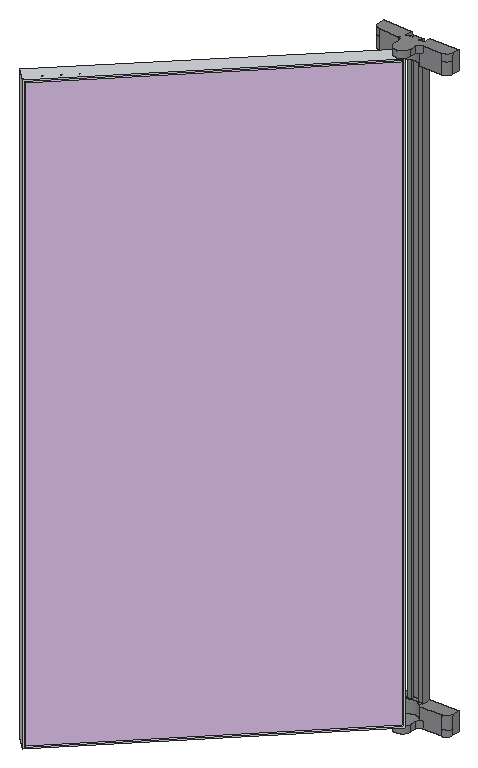
Revit family "Clarus_Flip_R19", category Furniture, host Face, Revit 2019
Family settings
  Host = Face
  Cut with Voids When Loaded = No
  Shared = No
  Room Calculation Point = No
Parameters
  Width = 48"  # constant formula
  URL = "https://www.clarus.com/"
  TRC Standards [instance] = "http://therevitcollection.com/news/trc-news-the-revit-collection-standards-explained/"
  Swing Control [instance] = 135.00°
  Swing Clearance [instance] = yes
  Product URL = "https://www.clarus.com/flip/"
  More Revit Families! [instance] = "www.therevitcollection.com"
  Modeled By = "Commense Studio"  # constant formula
  Model = "Flip"  # constant formula
  Manufacturer = "Clarus"  # constant formula
  Height = 49"  # constant formula
  Frame Finish [instance] = Clarus Gray
  Description = "Why limit a glassboard to one side? Re-think the way work spaces use writable\r\nsurfaces with Flip by Clarus™. Flip allows both sides of a Clarus board to be\r\nutilized for a heightened design aesthetic and elegant functionality."  # constant formula
  Height to Base [instance] = 24"
  Designer = ""
  Depth = 1 215/256"  # constant formula
  Default Elevation = 0"
  Panel A [instance] = Clarus White
  Assembly Code = ""
  Panel B [instance] = Clarus Acoustic Panel - Triangle Grid_Flip
Reference planes (in)
  plane 1 "Center (Front/Back)": y = 0
  plane 2: z = 0
  plane 3 "Center (Left/Right)": x = 0
  plane 4 "L": x = -24
  plane 5 "R": x = 24
  plane 6 "F": y = -1.83984
  plane 7: z = 24
  plane 8: z = 25.5
  plane 9: z = 73
  plane 10: z = 71.5
  plane 11 "BASE": z = 24.5
  plane 12: z = 72.5
Forms (in)
  Extrusion 1, solid, material "Clarus Gray" <- "Frame Finish"
    sketch origin (0, 0, 0) x (1, 0, 0) y (0, 1, 0)
      loop
        line (-2.50462, -1.02865) -> (-0.73338, -1.02865)
        arc (-0.73338, -1.02865) -> (0, -0.67339) -> (0.73338, -1.02865) r 0.9346
        line (0.73338, -1.02865) -> (2.50463, -1.02865)
        arc (2.50463, -1.02865) -> (2.85818, -0.88221) -> (3.00463, -0.52865) r 0.5
        line (3.00463, -0.52865) -> (3.00463, 0) -> (0.747, 0) -> (0.747, -0.57812) -> (0.29688, -0.57812) -> (0.29688, -0.48437) -> (0.42188, -0.48437) -> (0.42188, -0.26562) -> (-0.42187, -0.26562) -> (-0.42187, -0.48437) -> (-0.29687, -0.48437) -> (-0.29687, -0.57812) -> (-0.747, -0.57812) -> (-0.747, 0) -> (-3.00462, 0) -> (-3.00462, -0.52865)
        arc (-3.00462, -0.52865) -> (-2.85818, -0.88221) -> (-2.50462, -1.02865) r 0.5
    from 24 to 25.5
  Extrusion 2, solid, material "Clarus Gray" <- "Frame Finish"
    sketch origin (0, 0, 0) x (1, 0, 0) y (0, 1, 0)
      loop
        line (-2.50462, -1.02865) -> (-0.73338, -1.02865)
        arc (-0.73338, -1.02865) -> (0, -0.67339) -> (0.73338, -1.02865) r 0.9346
        line (0.73338, -1.02865) -> (2.50463, -1.02865)
        arc (2.50463, -1.02865) -> (2.85818, -0.88221) -> (3.00463, -0.52865) r 0.5
        line (3.00463, -0.52865) -> (3.00463, 0) -> (0.747, 0) -> (0.747, -0.57812) -> (0.29688, -0.57812) -> (0.29688, -0.48437) -> (0.42188, -0.48437) -> (0.42188, -0.26562) -> (-0.42187, -0.26562) -> (-0.42187, -0.48437) -> (-0.29687, -0.48437) -> (-0.29687, -0.57812) -> (-0.747, -0.57812) -> (-0.747, 0) -> (-3.00462, 0) -> (-3.00462, -0.52865)
        arc (-3.00462, -0.52865) -> (-2.85818, -0.88221) -> (-2.50462, -1.02865) r 0.5
    from 71.5 to 72.5
  Extrusion 3, solid, material "Clarus Gray" <- "Frame Finish"
    sketch origin (0, 0, 0) x (1, 0, 0) y (0, 1, 0)
      loop
        line (-0.625, -1.40365) -> (-0.625, -1.84115)
        arc (-0.625, -1.84115) -> (0, -2.46615) -> (0.625, -1.84115) r 0.625
        line (0.625, -1.84115) -> (0.625, -1.40365)
        arc (0.625, -1.40365) -> (0.73483, -1.13849) -> (1, -1.02865) r 0.375
        line (1, -1.02865) -> (2.50463, -1.02865)
        arc (2.50463, -1.02865) -> (2.85818, -0.88221) -> (3.00463, -0.52865) r 0.5
        line (3.00463, -0.52865) -> (3.00463, 0) -> (0.747, 0) -> (0.747, -0.57812) -> (0.29688, -0.57812) -> (0.29688, -0.48437) -> (0.42188, -0.48437) -> (0.42188, -0.26562) -> (-0.42187, -0.26562) -> (-0.42187, -0.48437) -> (-0.29687, -0.48437) -> (-0.29687, -0.57812) -> (-0.747, -0.57812) -> (-0.747, 0) -> (-3.00462, 0) -> (-3.00462, -0.52865)
        arc (-3.00462, -0.52865) -> (-2.85818, -0.88221) -> (-2.50462, -1.02865) r 0.5
        line (-2.50462, -1.02865) -> (-1, -1.02865)
        arc (-1, -1.02865) -> (-0.73483, -1.13849) -> (-0.625, -1.40365) r 0.375
    from 72.5 to 73
  Extrusion 4, solid, material "Clarus Gray" <- "Frame Finish"
    sketch origin (0, 0, 0) x (1, 0, 0) y (0, 1, 0)
      loop
        line (-0.625, -1.40365) -> (-0.625, -1.84115)
        arc (-0.625, -1.84115) -> (0, -2.46615) -> (0.625, -1.84115) r 0.625
        line (0.625, -1.84115) -> (0.625, -1.40365)
        arc (0.625, -1.40365) -> (0.73483, -1.13849) -> (1, -1.02865) r 0.375
        line (1, -1.02865) -> (2.50463, -1.02865)
        arc (2.50463, -1.02865) -> (2.85818, -0.88221) -> (3.00463, -0.52865) r 0.5
        line (3.00463, -0.52865) -> (3.00463, 0) -> (0.747, 0) -> (0.747, -0.57812) -> (0.29688, -0.57812) -> (0.29688, -0.48437) -> (0.42188, -0.48437) -> (0.42188, -0.26562) -> (-0.42187, -0.26562) -> (-0.42187, -0.48437) -> (-0.29687, -0.48437) -> (-0.29687, -0.57812) -> (-0.747, -0.57812) -> (-0.747, 0) -> (-3.00462, 0) -> (-3.00462, -0.52865)
        arc (-3.00462, -0.52865) -> (-2.85818, -0.88221) -> (-2.50462, -1.02865) r 0.5
        line (-2.50462, -1.02865) -> (-1, -1.02865)
        arc (-1, -1.02865) -> (-0.73483, -1.13849) -> (-0.625, -1.40365) r 0.375
    from 24 to 24.5
  Extrusion 5, solid, material "Clarus Gray" <- "Frame Finish"
    sketch origin (0, 0, 0) x (1, 0, 0) y (0, 1, 0)
      loop
        line (0.625, -0.57812) -> (0.625, 0) -> (-0.625, 0) -> (-0.625, -0.57812) -> (-0.29687, -0.57812) -> (-0.29687, -0.48437) -> (-0.42187, -0.48437) -> (-0.42187, -0.26562) -> (0.42188, -0.26562) -> (0.42188, -0.48437) -> (0.29688, -0.48437) -> (0.29688, -0.57812) -> (0.625, -0.57812)
    from 24.5 to 72.5
Cuts and joins
  joined: Extrusion 2, Extrusion 3
  joined: Extrusion 1, Extrusion 4
Lines and regions (in)
  symbolic lines, style "FurnitureHiddenLines", visible <- "Swing Clearance"
    curve 1: arc (-24, -1.83984, 0) -> (0, -25.83984, 0) -> (24, -1.83984, 0) r 24
  reference lines
    curve 2: line (0, -1.83984, 24.5) -> (-13.96536, -15.8052, 24.5)
Dimensions and locks (in)
  equal spacing: plane 4 "L", plane 3 "Center (Left/Right)", plane 5 "R"
  "Width": plane 4 "L" to plane 5 "R"
  "Depth": plane 6 "F" to plane 1 "Center (Front/Back)"
  "Height to Base": plane 7 to level
  locked: plane 9 to plane 10 at 1.5
  locked: plane 8 to plane 7 at 1.5
  locked: plane 11 "BASE" to plane 7 at 0.5
  locked: plane 9 to plane 12 at 0.5
  plane 9 to plane 7 = 49"
  "Swing Control": angle curve 2 to plane 6 "F"
  aligned and locked: plane 2 to host face
  aligned and locked: level to host face
  aligned and locked: plane 8 to Extrusion 1
  aligned and locked: Extrusion 1 to plane 7
  aligned and locked: plane 10 to Extrusion 2
  aligned and locked: plane 12 to Extrusion 3
  aligned and locked: Extrusion 3 to plane 9
  aligned and locked: Extrusion 2 to plane 12
  aligned and locked: Extrusion 4 to plane 7
  aligned and locked: plane 11 "BASE" to Extrusion 4
  aligned and locked: Extrusion 5 to plane 11 "BASE"
  aligned and locked: Extrusion 5 to plane 12
  aligned and locked: plane 3 "Center (Left/Right)" to curve 2
  aligned and locked: plane 6 "F" to curve 2
Automatic sketch dimensions
  host sketch curve to host sketch curve = 96"  (x2)
  curve 1 to plane 4 "L" = 0"
  curve 1 to plane 3 "Center (Left/Right)" = 0"
  plane 6 "F" to curve 1 = 0"
  plane 1 "Center (Front/Back)" to Extrusion 1 sketch curve = 0"  (x2)
  Extrusion 1 sketch curve to plane 3 "Center (Left/Right)" = 0"
  Extrusion 1 sketch curve to plane 3 "Center (Left/Right)" = 19/64"
  Extrusion 1 sketch curve to Extrusion 1 sketch curve = 1/8"  (x2)
  Extrusion 1 sketch curve to Extrusion 1 sketch curve = 0.3115"  (x2)
  Extrusion 1 sketch curve to Extrusion 1 sketch curve = 0.32513"  (x2)
  Extrusion 1 sketch curve to plane 6 "F" = 0.81119"
  Extrusion 1 sketch curve to Extrusion 1 sketch curve = 1.77125"  (x2)
  Extrusion 1 sketch curve to Extrusion 1 sketch curve = 1/2"  (x2)
  plane 3 "Center (Left/Right)" to Extrusion 1 sketch curve = 19/64"
  Extrusion 1 sketch curve to plane 6 "F" = 0.23185"
  plane 1 "Center (Front/Back)" to Extrusion 1 sketch curve = 37/64"  (x2)
  Extrusion 1 sketch curve to Extrusion 1 sketch curve = 3/32"  (x2)
  Extrusion 1 sketch curve to Extrusion 1 sketch curve = 7/32"
  plane 1 "Center (Front/Back)" to Extrusion 2 sketch curve = 0"  (x2)
  Extrusion 2 sketch curve to plane 3 "Center (Left/Right)" = 0"
  Extrusion 2 sketch curve to plane 3 "Center (Left/Right)" = 19/64"
  Extrusion 2 sketch curve to Extrusion 2 sketch curve = 1/8"  (x2)
  Extrusion 2 sketch curve to Extrusion 2 sketch curve = 0.3115"  (x2)
  Extrusion 2 sketch curve to Extrusion 2 sketch curve = 0.32513"  (x2)
  Extrusion 2 sketch curve to plane 6 "F" = 0.81119"
  Extrusion 2 sketch curve to Extrusion 2 sketch curve = 1.77125"  (x2)
  Extrusion 2 sketch curve to Extrusion 2 sketch curve = 1/2"  (x2)
  plane 3 "Center (Left/Right)" to Extrusion 2 sketch curve = 19/64"
  Extrusion 2 sketch curve to plane 6 "F" = 0.23185"
  plane 1 "Center (Front/Back)" to Extrusion 2 sketch curve = 37/64"  (x2)
  Extrusion 2 sketch curve to Extrusion 2 sketch curve = 3/32"  (x2)
  Extrusion 2 sketch curve to Extrusion 2 sketch curve = 7/32"
  Extrusion 3 sketch curve to plane 3 "Center (Left/Right)" = 0"
  plane 6 "F" to Extrusion 3 sketch curve = 0.00131"
  Extrusion 3 sketch curve to Extrusion 3 sketch curve = 3/8"
  Extrusion 3 sketch curve to plane 6 "F" = 0.43619"  (x2)
  Extrusion 3 sketch curve to plane 3 "Center (Left/Right)" = 5/8"
  plane 1 "Center (Front/Back)" to Extrusion 3 sketch curve = 0"  (x2)
  Extrusion 3 sketch curve to Extrusion 3 sketch curve = 1/2"  (x2)
  Extrusion 3 sketch curve to plane 3 "Center (Left/Right)" = 0.747"
  Extrusion 3 sketch curve to Extrusion 3 sketch curve = 0.32513"  (x2)
  Extrusion 3 sketch curve to Extrusion 3 sketch curve = 1/8"  (x2)
  plane 3 "Center (Left/Right)" to Extrusion 3 sketch curve = 19/64"
  plane 1 "Center (Front/Back)" to Extrusion 3 sketch curve = 37/64"
  Extrusion 3 sketch curve to Extrusion 3 sketch curve = 3/32"  (x2)
  Extrusion 3 sketch curve to Extrusion 3 sketch curve = 7/32"
  Extrusion 3 sketch curve to Extrusion 3 sketch curve = 1.50463"  (x2)
  Extrusion 3 sketch curve to Extrusion 3 sketch curve = 0.253"
  Extrusion 3 sketch curve to Extrusion 3 sketch curve = 5/16"
  plane 1 "Center (Front/Back)" to Extrusion 4 sketch curve = 0"  (x2)
  Extrusion 4 sketch curve to plane 3 "Center (Left/Right)" = 0"
  Extrusion 4 sketch curve to plane 3 "Center (Left/Right)" = 19/64"
  Extrusion 4 sketch curve to Extrusion 4 sketch curve = 1/8"  (x2)
  plane 6 "F" to Extrusion 4 sketch curve = 0.00131"
  Extrusion 4 sketch curve to Extrusion 4 sketch curve = 5/8"
  Extrusion 4 sketch curve to Extrusion 4 sketch curve = 0.32513"  (x2)
  Extrusion 4 sketch curve to Extrusion 4 sketch curve = 0.253"
  Extrusion 4 sketch curve to Extrusion 4 sketch curve = 1.50463"  (x2)
  Extrusion 4 sketch curve to Extrusion 4 sketch curve = 1/2"  (x2)
  plane 3 "Center (Left/Right)" to Extrusion 4 sketch curve = 19/64"
  Extrusion 4 sketch curve to Extrusion 4 sketch curve = 3/8"
  Extrusion 4 sketch curve to plane 6 "F" = 0.43619"  (x2)
  Extrusion 4 sketch curve to Extrusion 4 sketch curve = 0.45053"
  plane 1 "Center (Front/Back)" to Extrusion 4 sketch curve = 37/64"
  Extrusion 4 sketch curve to Extrusion 4 sketch curve = 3/32"  (x2)
  Extrusion 4 sketch curve to Extrusion 4 sketch curve = 7/32"
  Extrusion 5 sketch curve to plane 3 "Center (Left/Right)" = 19/64"
  Extrusion 5 sketch curve to Extrusion 5 sketch curve = 1/8"  (x2)
  plane 3 "Center (Left/Right)" to Extrusion 5 sketch curve = 19/64"
  plane 1 "Center (Front/Back)" to Extrusion 5 sketch curve = 37/64"  (x2)
  Extrusion 5 sketch curve to Extrusion 5 sketch curve = 3/32"  (x2)
  Extrusion 5 sketch curve to Extrusion 5 sketch curve = 7/32"
  plane 1 "Center (Front/Back)" to Extrusion 5 sketch curve = 0"
  Extrusion 5 sketch curve to Extrusion 5 sketch curve = 13/64"  (x2)
Nested families (in)
  nested 1: "Clarus_Flip Panel_R18" at (0.08075, -1.85596, 24.5) x (0.7071, -0.7071, 0) z (0, 0, 1), Acoustic Panel <- "Panel B", Clarus Glass <- "Panel A", Core Finish <- "Frame Finish", type "Clarus_Flip Panel_R18"
    with Triangle Grid no, TRC Standards "http://therevitcollection.com/news/trc-news-the-revit-collection-standards-explained/", Square-Tangle yes, More Revit Families! "www.therevitcollection.com", Core Finish Clarus Gray, Clarus Glass Clarus White, Acoustic Panel Clarus Acoustic Panel - Triangle Grid_Flip
Definition of nested family "Clarus_Flip Panel_R18"
  Parameters (values of type "Clarus_Flip Panel_R18")
    Width = 1 3/8"
    URL = "https://www.clarus.com/"
    Triangle Grid [instance] = yes
    TRC Standards [instance] = "http://therevitcollection.com/news/trc-news-the-revit-collection-standards-explained/"
    Square-Tangle [instance] = yes
    Product URL = "https://www.clarus.com/"
    More Revit Families! [instance] = "www.therevitcollection.com"
    Modeled By = "Commense Studio"  # constant formula
    Model = "be! Shield"
    Manufacturer = "Clarus"  # constant formula
    Core Finish [instance] = none
    Description = "be! Shield Leg Configs"
    Height = 48"
    Designer = ""
    Depth = 24 1/16"
    Default Elevation = 0"
    Clarus Glass [instance] = none
    Assembly Code = ""
    Acoustic Panel [instance] = none
  Reference planes (in)
    plane 1 "Center (Front/Back)": y = 0
    plane 2: z = 0
    plane 3 "Center (Left/Right)": x = 0
    plane 4 "L": x = -0.6875
    plane 5 "R": x = 0.6875
    plane 6 "F": y = -24.0625
    plane 7: z = 48
    plane 8 "acoustic": x = 0.4375
    plane 9 "glass": x = -0.4375
    plane 10: y = -23.875
    plane 11: y = -0.1875
    plane 12: z = 0.1875
    plane 13: z = 47.8125
  Forms (in)
    Extrusion 1, solid
      sketch origin (0, 0, 0) x (1, 0, 0) y (0, 1, 0)
        loop
          line (-48, 48) -> (-48, -48) -> (48, -48) -> (48, 48) -> (-48, 48)
      from 0 to -12
    Sweep 2, solid
      path origin (0, 0, 0) x (0, 1, 0) y (0, 0, 1)
        loop
          line (0, 0) -> (0, 48) -> (-24.0625, 48) -> (-24.0625, 0) -> (0, 0)
      profile origin (0, 0, 24) x (0, -1, 0) y (1, 0, 0)
        loop
          line (0, -0.6875) -> (0.0625, -0.6875) -> (0.0625, -0.25) -> (1.44057, -0.25) -> (1.44057, 0.125) -> (2.18847, 0.125) -> (2.18847, -0.25) -> (2.31347, -0.25) -> (2.31347, 0.25) -> (1.31557, 0.25) -> (1.31557, -0.125) -> (0.43767, -0.125) -> (0.43767, 0.25) -> (0.0625, 0.25) -> (0.0625, 0.6875) -> (0, 0.6875) -> (0, -0.6875)
    Extrusion 3, solid, material <- "Clarus Glass"
      sketch origin (0, 0, 0) x (1, 0, 0) y (0, 1, 0)
        loop
          line (-0.4375, -23.875) -> (-0.4375, -0.1875) -> (-0.6875, -0.1875) -> (-0.6875, -23.875) -> (-0.4375, -23.875)
      from 0.1875 to 47.8125
    Extrusion 4, solid, material <- "Acoustic Panel"
      sketch origin (0, 0, 0) x (-1, 0, 0) y (0, -1, 0)
        loop
          line (-0.4375, 23.875) -> (-0.6875, 23.875) -> (-0.6875, 0.1875) -> (-0.4375, 0.1875) -> (-0.4375, 23.875)
      from 0.1875 to 47.8125
  Dimensions and locks (in)
    equal spacing: plane 4 "L", plane 3 "Center (Left/Right)", plane 5 "R"
    "Width": plane 4 "L" to plane 5 "R"
    "Depth": plane 6 "F" to plane 1 "Center (Front/Back)"
    "Height": plane 7 to level
    plane 13 to plane 12 = 47 5/8"
    locked: plane 6 "F" to plane 10 at 0.1875
    aligned and locked: plane 2 to Extrusion 1
    aligned and locked: level to Extrusion 1
    aligned and locked: Extrusion 3 to plane 12
    aligned and locked: Extrusion 3 to plane 13
    aligned and locked: Extrusion 4 to plane 11
    aligned and locked: Extrusion 4 to plane 8 "acoustic"
    aligned and locked: plane 5 "R" to Extrusion 4
    aligned and locked: Extrusion 4 to plane 10
  Automatic sketch dimensions
    Extrusion 1 sketch curve to Extrusion 1 sketch curve = 96"  (x2)
    Sweep 2 sketch curve to level = 0"
    Sweep 2 sketch curve to plane 6 "F" = 0"
    Sweep 2 sketch curve to plane 1 "Center (Front/Back)" = 0"
    Sweep 2 sketch curve to plane 7 = 0"
    Sweep 2 sketch curve to profile plane = 0"
    Sweep 2 sketch curve to profile plane = 1/16"
    Sweep 2 sketch curve to Sweep 2 sketch curve = 1/16"
    Sweep 2 sketch curve to plane 3 "Center (Left/Right)" = 1/8"
    Sweep 2 sketch curve to Sweep 2 sketch curve = 0.37517"
    Sweep 2 sketch curve to Sweep 2 sketch curve = 0.87789"
    Sweep 2 sketch curve to Sweep 2 sketch curve = 1/8"  (x3)
    plane 3 "Center (Left/Right)" to Sweep 2 sketch curve = 1/8"
    Sweep 2 sketch curve to Sweep 2 sketch curve = 0.74791"
    Sweep 2 sketch curve to plane 3 "Center (Left/Right)" = 1/4"  (x2)
    Sweep 2 sketch curve to Sweep 2 sketch curve = 7/16"  (x2)
    plane 3 "Center (Left/Right)" to Sweep 2 sketch curve = 1/4"
    Extrusion 3 sketch curve to plane 4 "L" = 0"
    Extrusion 3 sketch curve to plane 9 "glass" = 0"
    Extrusion 3 sketch curve to plane 10 = 0"
    plane 11 to Extrusion 3 sketch curve = 0"
    Extrusion 4 sketch curve to plane 5 "R" = 0"
    Extrusion 4 sketch curve to plane 8 "acoustic" = 0"
    Extrusion 4 sketch curve to plane 10 = 0"
    plane 11 to Extrusion 4 sketch curve = 0"
